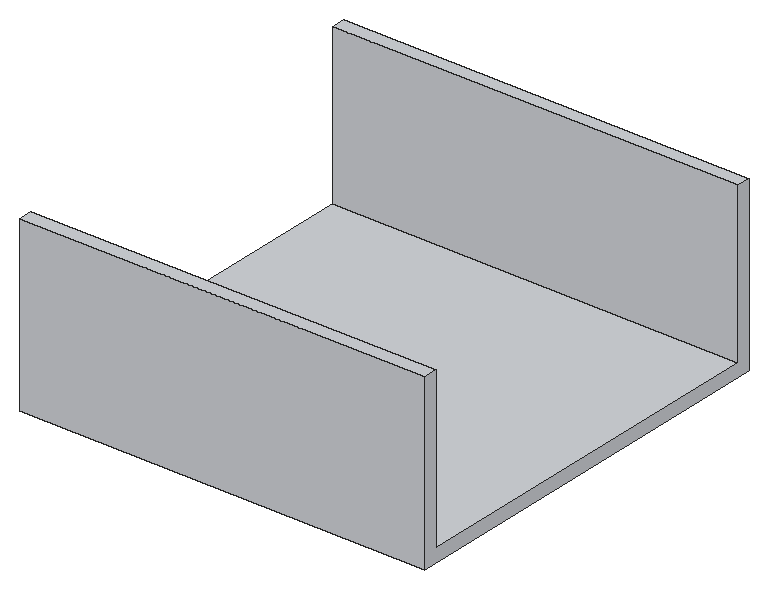
Revit family "Cable Tray", category Cable Tray Fittings, Revit 2020
Family settings
  Round Connector Dimension = Use Diameter
  Part Type = Channel Union
  OmniClass Number = 23.80.30.17.17
  OmniClass Title = Cable Trays and Horizontal Racks
  Work Plane-Based = No
  Always vertical = Yes
  Cut with Voids When Loaded = No
  Shared = No
Parameters (values of type "標準")
  built-in parameter 1154647 = 0 mm
  トレイ幅 [instance] = 75 mm
  トレイ長さ [instance] = 75 mm
  トレイ高さ [instance] = 32 mm
  Default Elevation [instance] = 2.5 mm
Reference planes
  plane 1 "中心(正面/背面)": y = 0
  plane 2: z = 0
  plane 3 "中心(左/右)": x = 0
  plane 4: x = 37.5
  plane 5: y = 37.5
  plane 6: y = -37.5
  plane 7: z = 16
  plane 8: z = -16
  plane 9: z = -13.5
  plane 10: y = 35
  plane 11: y = -35
  plane 12: y = 37.5
  plane 13: y = -37.5
  plane 14: z = 16
  plane 15: z = -16
  plane 16: x = 75
Forms (mm)
  Sweep 1, solid, detail levels fine
    path in 3D
      loop
        line (0, 0, 0) -> (75, 0, 0)
    profile origin (37.5, 0, 0) x (0, 1, 0) y (0, 0, 1)
      loop
        line (37.5, -16) -> (37.5, 16) -> (35, 16) -> (35, -13.5) -> (-35, -13.5) -> (-35, 16) -> (-37.5, 16) -> (-37.5, -16) -> (37.5, -16)
  Sweep 2, solid, detail levels medium
    path in 3D
      loop
        line (0, 0, 0) -> (75, 0, 0)
    profile origin (37.5, 0, 0) x (0, 1, 0) y (0, 0, 1)
      loop
        line (37.5, 16) -> (-37.5, 16) -> (-37.5, -16) -> (37.5, -16) -> (37.5, 16)
Lines and regions (mm)
  model lines, detail levels coarse
    curve 1: line (0, 0, 0) -> (75, 0, 0)
  sketch lines
    curve 2: line (0, 0, 0) -> (75, 0, 0)
    curve 3: line (0, 0, 0) -> (75, 0, 0)
Dimensions and locks
  equal spacing: plane 5, plane 1 "中心(正面/背面)", plane 6
  "トレイ幅": plane 5 to plane 6
  equal spacing: plane 7, plane 2, plane 8
  "トレイ高さ": plane 7 to plane 8
  "Default Elevation": plane 5 to plane 10
  "Default Elevation": plane 11 to plane 6
  "Default Elevation": plane 8 to plane 9
  "トレイ幅": plane 12 to plane 13
  equal spacing: plane 12, plane 1 "中心(正面/背面)", plane 13
  equal spacing: plane 14, plane 2, plane 15
  "トレイ高さ": plane 14 to plane 15
  equal spacing: plane 3 "中心(左/右)", plane 4, plane 16
  "トレイ長さ": plane 3 "中心(左/右)" to plane 16
  aligned and locked: plane 1 "中心(正面/背面)" to curve 1
  aligned and locked: plane 6 to Sweep 1 sketch curve  (x2)
  aligned and locked: plane 8 to Sweep 1 sketch curve  (x2)
  aligned and locked: Sweep 1 sketch curve to plane 5
  aligned and locked: plane 7 to Sweep 1 sketch curve  (x3)
  aligned and locked: plane 11 to Sweep 1 sketch curve  (x2)
  aligned and locked: plane 9 to Sweep 1 sketch curve  (x2)
  aligned and locked: plane 10 to Sweep 1 sketch curve  (x2)
  aligned and locked: Sweep 1 sketch curve to plane 7
  aligned and locked: Sweep 2 sketch curve to plane 14
  aligned and locked: Sweep 2 sketch curve to plane 15
  aligned and locked: plane 13 to Sweep 2 sketch curve
  aligned and locked: plane 12 to Sweep 2 sketch curve
  aligned and locked: plane 16 to curve 1
  aligned and locked: plane 3 "中心(左/右)" to curve 1
Connectors
  cabletrayconduit at (0, 0, 0), diameter 609.6, driven by "トレイ高さ", driven by "トレイ幅"
    settings: on Sweep 2, index 1, connector width 75 mm, connector height 32 mm, connector angle 0.00°, system type 32, placement type 0, profile type 1, connector reference index 2, is primary connector yes, connector utility param no, connector description ""
  cabletrayconduit at (75, 0, 0), diameter 609.6, driven by "トレイ高さ", driven by "トレイ幅"
    settings: on Sweep 2, index 2, connector width 75 mm, connector height 32 mm, connector angle 0.00°, system type 32, placement type 0, profile type 1, connector reference index 1, is primary connector no, connector utility param no, connector description ""
